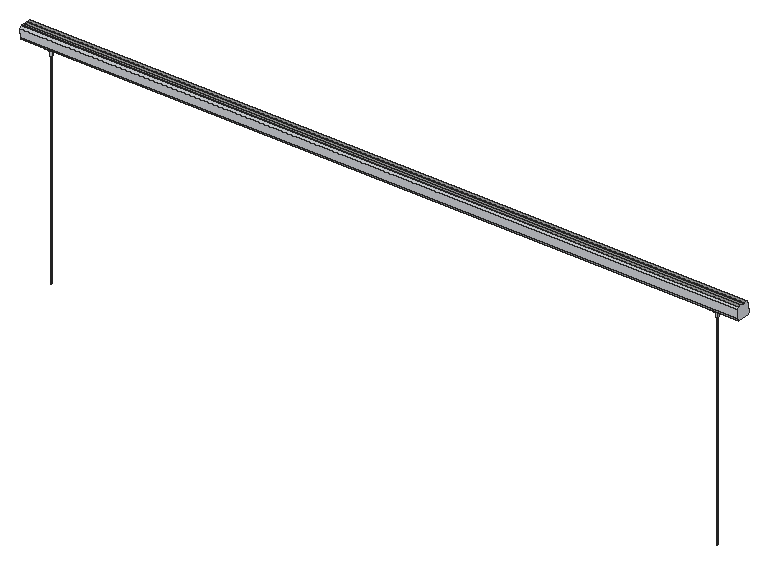
Revit family "0042535 Sylvania Lighting Fixture ISOLINE  3380MM 4K MD UGR 5C", category Lighting Fixtures, host Face, Revit 2018
Family settings
  Host = Face
  Round Connector Dimension = Use Diameter
  Part Type = Normal
  OmniClass Number = 23.80.70.00
  OmniClass Title = Lighting
  Cut with Voids When Loaded = No
  Light Source = Yes
  Shared = No
  Room Calculation Point = No
Parameters (values of type "0042535 ISOLINE  3380MM 4K MD UGR 5C")
  suspension height = 1000 mm
  spacer height = 5 mm
  spacer centres = 1000 mm
  height = 58.791 mm
  Width = 62 mm
  Weight = "n/a"
  Wattage Comments = ""
  Wattage = 9.2903 W
  WarrantyStartDate [instance] = "n/a"
  WarrantyGuarantorParts = "n/a"
  WarrantyDurationUnit = "n/a"
  WarrantyDurationParts = ""
  WarrantyDescription = "http://www.sylvania-lighting.com"
  built-in parameter 1150110 = 1 (stored number, unit not read)
  Voltage = 0 V
  URL = "0"
  TypeName = "ISOLINE  3380MM 4K MD UGR 5C"
  Type Image = <None>
  Type Comments = "n/a"
  built-in parameter 1114217 = 1 (stored number, unit not read)
  Tilt Angle = 90.00°
  built-in parameter 1150109 = 1 (stored number, unit not read)
  built-in parameter 1150134 = 3
  built-in parameter 1150113 = 1 (stored number, unit not read)
  SerialNumber [instance] = "n/a"
  Photometric Web File = "0042535.ies"
  Material_3_FEILO = none
  PowerFactor = 0
  PowerConsumption = "Lighting"
  NominalLength = 62 mm
  NominalHeight = 0 mm
  NominalDepth = 0 mm
  Name = "ISOLINE  3380MM 4K MD UGR 5C"
  ModelReference = Name  # "ISOLINE  3380MM 4K MD UGR 5C"
  ModelNumber = "0042535"
  Model = Name  # "ISOLINE  3380MM 4K MD UGR 5C"
  Material = "Feilo Sylvania"
  ManufacturerName = "154 lm/W"
  Manufacturer = ""
  LuminousEfficacy = ""
  built-in parameter 1150105 = 109.82 (stored number, unit not read)
  Lumens = 1380 lm
  LuminaireType = "0"
  built-in parameter 1150115 = 1 (stored number, unit not read)
  LightOutputRatio = "LED"
  built-in parameter 1150137 = (empty or 0)
  built-in parameter 1150139 = (empty or 0)
  Length = 3380 mm
  LampsType = Lamp  # "n/a"
  LampNominalLuminous = "4000 K"
  LampMacAdamStep = "80"
  LampColourTemperature = "LED"
  LampColourRenderingIndex = "16500"
  built-in parameter 1150112 = 1 (stored number, unit not read)
  built-in parameter 1150114 = 1 (stored number, unit not read)
  Lamp = "n/a"
  Keynote = "n/a"
  InstallationDate [instance] = "n/a"
  InputVoltage = "0"
  InputNominalFrequency = "4000"
  built-in parameter 1150132 = (empty or 0)
  built-in parameter 1150102 = (empty or 0)
  built-in parameter 1150107 = 3200 (stored number, unit not read)
  built-in parameter 1150138 = (empty or 0)
  IngressProtection = "IfcLightFixtureType"
  ImpactProtectionIndex = "IfcLightFixtureType"
  built-in parameter 1150106 = 1.0982 (stored number, unit not read)
  IfcExportType = "IfcLightFixtureType"
  IfcExportAs = "Class I"
  Height = 1000 mm
  ExpectedLife = 50000
  Emit from Circle Diameter = 609.6 mm
  Emit Shape Visible in Rendering = no
  ElectricShockClassification = "154"
  built-in parameter 1150104 = 13.8 (stored number, unit not read)
  DurationUnit = "hours"
  DocumentationLiterature = "http://www.sylvania-lighting.com/product/en-int/products/0042535"
  DimmingControlOptions = "n/a"
  Material_2_FEILO = none
  Dimming Lamp Color Temperature Shift = <None>
  Description = "Isoline LED linear luminaire for industrial and commercial applications. 3380 mm lenght with medium optics provide homogenous light distribution for aisles and focus areas. Aluminium housing, RAL 9016. Max + 35 °C operating temperature range, 4000 K, CRI 80, UGR <20, 3 SDMC. 114 W power consumption, 17600 lm luminous flux, 154 lm/W efficacy, 3380 mm x62 mm x 59 mm (L x W x H) dimensions, IP20, IK03, 220-240 V 50/60 Hz, Class I.Lifespan L70:B50 60,000 hours."
  Default Elevation = 1219.2 mm
  CreatedOn = "04/03/2021"
  CreatedBy = "@sylvania-lighting.com"
  Cost = 0
  Color Filter = 16777215
  built-in parameter 1114216 [instance] = (empty or 0)
  ClassificationValue = "EF_70_80"
  ClassificationName = "Uniclass2015"
  Material_1_FEILO = none
  BarCode [instance] = "n/a"
  built-in parameter 1114218 = 1 (stored number, unit not read)
  built-in parameter 1150133 = 10 (stored number, unit not read)
  AssetType = "Fixed"
  AssetIdentifier [instance] = "n/a"
  Assembly Code = "D5020200"
  Apparent Load = 114 VA
  Material_4_FEILO = none
Reference planes
  plane 1 "Center (Front/Back)": y = 0
  plane 2: z = 0
  plane 3 "Center (Left/Right)": x = 0
  plane 4: z = 0
  plane 5: z = 1000
  plane 6: y = 31
  plane 7: y = -31
  plane 8: x = -1690
  plane 9: x = 1690
  plane 10: x = -37.307
  plane 11: x = 55
  plane 12: z = 1058.791
  plane 13: z = 51
  plane 14: y = -27
  plane 15: y = 27
  plane 16: z = 12
  plane 17: y = -24.969
  plane 18: y = 25
  plane 19: y = 12
  plane 20: y = -12
  plane 21: z = 1.634
  plane 22: y = -8
  plane 23: y = 8
  plane 24: x = -1580
  plane 25: x = -1555
  plane 26: x = 1580
  plane 27: x = 1555
  plane 28: z = 995
  plane 29: y = 26.98
  plane 30: y = 16.98
  plane 31: y = -27.027
  plane 32: y = -17.004
  plane 33: z = 996.5
  plane 34: y = 26.002
  plane 35: y = -26.027
  plane 36: through (-1580, 7.965, 1219.2) normal (0.5391, 0.8423, 0)
  plane 37: through (-1555, 7.965, 1219.2) normal (0.5391, -0.8423, 0)
  plane 38: through (1555, 7.965, 1219.2) normal (0.5391, 0.8423, 0)
  plane 39: through (1580, 8, 1219.2) normal (0.5399, -0.8417, 0)
  plane 40: z = 1058.003
  plane 41: z = 1056.819
Forms (mm)
  Extrusion 1, solid, detail levels medium+fine
    sketch origin (-1690, -1523.717, -160.594) x (0, -1, -0.000261) y (0, 0.000261, -1)
      loop
        line (-1493, -1168.2) -> (-1497, -1160.2) -> (-1551, -1160.2) -> (-1555, -1168.2) -> (-1555, -1207.2) -> (-1549.109, -1218.982) -> (-1535.466, -1218.982) -> (-1532, -1217.566) -> (-1516, -1217.566) -> (-1512.511, -1218.991) -> (-1498.896, -1218.991) -> (-1493, -1207.2) -> (-1493, -1168.2)
    from 0 to 3380
  Extrusion 2, solid
    sketch origin (1555, 1524, 1219.189) x (0, 1, 0) y (0, 0, 1)
      loop
        line (-1497.021, -219.189) -> (-1498.02, -219.189) -> (-1507.02, -223.699) -> (-1541.004, -223.699) -> (-1550.017, -219.203) -> (-1551.02, -219.203) -> (-1541.004, -224.2) -> (-1507.02, -224.2) -> (-1497.021, -219.189)
    from 0 to 25
  Extrusion 3, solid
    sketch origin (-1580, 1524, 1219.189) x (0, 1, 0) y (0, 0, 1)
      loop
        line (-1497.021, -219.189) -> (-1498.02, -219.189) -> (-1507.02, -223.699) -> (-1541.004, -223.699) -> (-1550.017, -219.203) -> (-1551.02, -219.203) -> (-1541.004, -224.2) -> (-1507.02, -224.2) -> (-1497.021, -219.189)
    from 0 to 25
  Extrusion 4, solid
    sketch origin (4.2, 0, 0) x (1, 0, 0) y (0, 1, 0)
      loop
        circle (-1571.7, -0.035) r 5
    from 962.277 to 995
  Extrusion 5, solid
    sketch origin (3139.062, 0.065, 0) x (1, 0, 0) y (0, 1, 0)
      loop
        circle (-1571.7, -0.035) r 5
    from 962.277 to 995
  Extrusion 6, solid
    sketch origin (4.2, 0, 0) x (1, 0, 0) y (0, 1, 0)
      loop
        circle (-1571.7, -0.035) r 1.5
    from 0 to 962.277
  Extrusion 7, solid
    sketch origin (3139.076, 0.033, 0) x (1, 0, 0) y (0, 1, 0)
      loop
        circle (-1571.7, -0.035) r 1.5
    from 0 to 977.512
  Extrusion 8, solid, material "Glass, White, High Luminance", detail levels fine
    sketch origin (319, 1524, 1219.2) x (0, 1, 0) y (0, 0, 1)
      loop
        line (-1498.926, -160.099) -> (-1512.703, -160.099) -> (-1516.213, -161.534) -> (-1531.9, -161.534) -> (-1535.47, -160.114) -> (-1549.12, -160.114) -> (-1549.12, -161.197) -> (-1535.782, -161.197) -> (-1532.805, -162.381) -> (-1515.468, -162.381) -> (-1512.929, -161.197) -> (-1498.926, -161.197) -> (-1498.926, -160.099)
    from -2009 to 1371
  Extrusion 9, solid, detail levels coarse
    sketch origin (319, 1524, 1219.2) x (0, 1, 0) y (0, 0, 1)
      loop
        line (-1493, -160.052) -> (-1555, -160.052) -> (-1555, -1219.2) -> (-1493, -1219.2) -> (-1493, -160.052)
    from -2009 to 1371
Dimensions and locks
  "Width": plane 6 to plane 7
  equal spacing: plane 6, plane 1 "Center (Front/Back)", plane 7
  "Length": plane 8 to plane 9
  equal spacing: plane 8, plane 3 "Center (Left/Right)", plane 9
  "height": plane 12 to plane 5
  "suspension height": plane 5 to level
  aligned and locked: host face to plane 2
  aligned and locked: host face to level
Automatic sketch dimensions
  host sketch curve to host sketch curve = 3582.803 mm
  host sketch curve to host sketch curve = 2438.4 mm
  Extrusion 1 sketch curve to plane 29 = 0 mm
  Extrusion 1 sketch curve to plane 6 = 0.033 mm
  Extrusion 1 sketch curve to plane 12 = 11.778 mm
  Extrusion 1 sketch curve to Extrusion 1 sketch curve = 4 mm  (x2)
  Extrusion 1 sketch curve to Extrusion 1 sketch curve = 5.891 mm
  Extrusion 1 sketch curve to Extrusion 1 sketch curve = 13.643 mm
  Extrusion 1 sketch curve to Extrusion 1 sketch curve = 3.466 mm
  Extrusion 1 sketch curve to Extrusion 1 sketch curve = 16 mm
  Extrusion 1 sketch curve to Extrusion 1 sketch curve = 3.489 mm
  Extrusion 1 sketch curve to Extrusion 1 sketch curve = 13.615 mm
  Extrusion 1 sketch curve to Extrusion 1 sketch curve = 54 mm
  Extrusion 1 sketch curve to Extrusion 1 sketch curve = 47 mm
  Extrusion 1 sketch curve to Extrusion 1 sketch curve = 10.366 mm
  Extrusion 1 sketch curve to Extrusion 1 sketch curve = 1.425 mm
  Extrusion 1 sketch curve to Extrusion 1 sketch curve = 11.782 mm
  Extrusion 1 sketch curve to Extrusion 1 sketch curve = 8 mm  (x2)
  Extrusion 2 sketch curve to plane 32 = 0 mm  (x2)
  Extrusion 2 sketch curve to plane 30 = 0 mm  (x2)
  Extrusion 2 sketch curve to plane 5 = 0 mm
  Extrusion 2 sketch curve to plane 35 = 0.01 mm
  Extrusion 2 sketch curve to plane 31 = 0.007 mm
  plane 34 to Extrusion 2 sketch curve = 0.022 mm
  plane 29 to Extrusion 2 sketch curve = 0.001 mm
  Extrusion 2 sketch curve to plane 5 = 0.014 mm
  plane 28 to Extrusion 2 sketch curve = 0.489 mm
  Extrusion 2 sketch curve to plane 28 = 0.011 mm
  Extrusion 3 sketch curve to plane 32 = 0 mm  (x2)
  Extrusion 3 sketch curve to plane 30 = 0 mm  (x2)
  Extrusion 3 sketch curve to plane 5 = 0 mm
  Extrusion 3 sketch curve to plane 35 = 0.01 mm
  Extrusion 3 sketch curve to plane 31 = 0.007 mm
  plane 34 to Extrusion 3 sketch curve = 0.022 mm
  plane 29 to Extrusion 3 sketch curve = 0.001 mm
  Extrusion 3 sketch curve to plane 5 = 0.014 mm
  plane 28 to Extrusion 3 sketch curve = 0.489 mm
  Extrusion 3 sketch curve to plane 28 = 0.011 mm
  Extrusion 4 sketch curve to plane 36 = 0 mm
  plane 37 to Extrusion 4 sketch curve = 0 mm
  Extrusion 5 sketch curve to plane 1 "Center (Front/Back)" = 0.029 mm
  plane 27 to Extrusion 5 sketch curve = 12.362 mm
  Extrusion 6 sketch curve to plane 36 = 0 mm
  plane 37 to Extrusion 6 sketch curve = 0 mm
  plane 1 "Center (Front/Back)" to Extrusion 7 sketch curve = 0.002 mm
  plane 27 to Extrusion 7 sketch curve = 12.376 mm
  Extrusion 8 sketch curve to plane 40 = 0 mm  (x2)
  Extrusion 8 sketch curve to plane 41 = 0 mm
  plane 17 to Extrusion 8 sketch curve = 0.151 mm
  Extrusion 8 sketch curve to plane 20 = 0.218 mm
  plane 12 to Extrusion 8 sketch curve = 0.295 mm
  Extrusion 8 sketch curve to plane 20 = 0.53 mm
  plane 22 to Extrusion 8 sketch curve = 0.805 mm
  Extrusion 8 sketch curve to plane 22 = 0.1 mm
  plane 23 to Extrusion 8 sketch curve = 0.213 mm
  Extrusion 8 sketch curve to plane 23 = 0.532 mm
  plane 19 to Extrusion 8 sketch curve = 0.929 mm
  Extrusion 8 sketch curve to plane 18 = 0.074 mm
  plane 41 to Extrusion 8 sketch curve = 0.848 mm
  plane 19 to Extrusion 8 sketch curve = 0.703 mm
  plane 12 to Extrusion 8 sketch curve = 0.31 mm
  Extrusion 9 sketch curve to plane 7 = 0 mm
  Extrusion 9 sketch curve to plane 6 = 0 mm
  Extrusion 9 sketch curve to plane 33 = 996.5 mm
  plane 12 to Extrusion 9 sketch curve = 0.357 mm
  radius of Extrusion 4 sketch curve = 5 mm
  radius of Extrusion 5 sketch curve = 5 mm
  radius of Extrusion 6 sketch curve = 1.5 mm
  radius of Extrusion 7 sketch curve = 1.5 mm
Connectors
  electrical at (0, -0.02, 1000.004)
    settings: on Extrusion 1, index 1, voltage 0 V, apparent load 0 VA, apparent load phase1 0 VA, apparent load phase2 0 VA, apparent load phase3 0 VA, power factor 1, load classification "Other", number of poles 1, system type 31, power factor state 1, is connector primary yes, connector utility no, sub classification motor no, connector description ""
